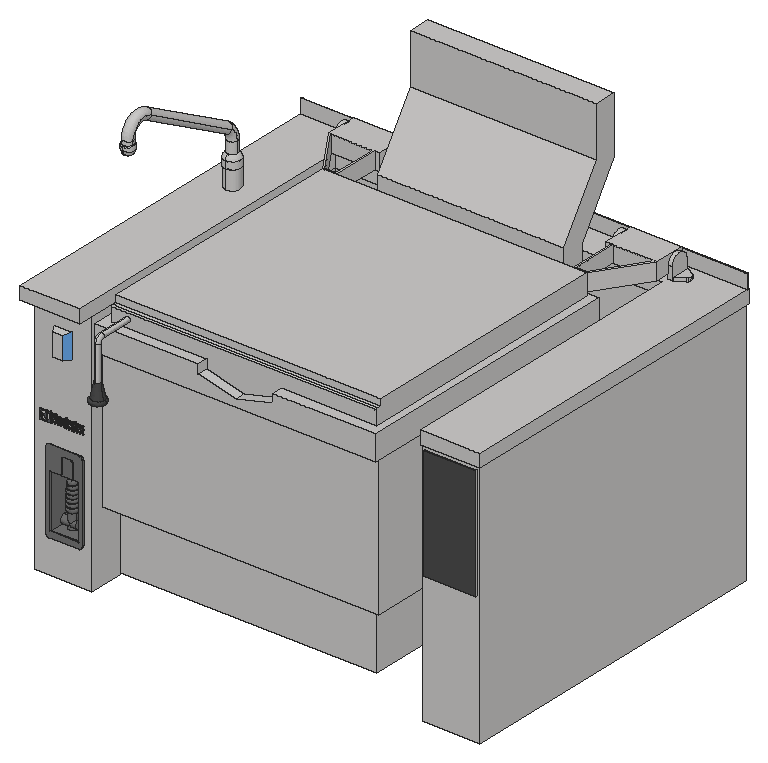
Revit family "QF_ELECTROLUXPROFESSIONAL_586956_PFET09GLCS", category Specialty Equipment, Revit 2018
Family settings
  Round Connector Dimension = Use Radius
  Part Type = Normal
  Work Plane-Based = No
  Always vertical = Yes
  Cut with Voids When Loaded = No
  Shared = Yes
  Room Calculation Point = No
Parameters (values of type "Standard")
  Weight = 240.00 kg
  Watts = 0 W
  Volts = 230 V
  URL Manufacturer = "http://professional.electrolux.com"
  URL = "http://professional.electrolux.com"
  Steam Supply Size = 0"
  Steam Supply Minimum Pressure = 0.00 psi
  Steam Supply Maximum Pressure = 0.00 psi
  Steam Pounds per Hour = 0
  Show Logo [instance] = yes
  Refrigeration Suction Line Size = 0"
  Refrigeration Liquid Line Size = 0"
  Refrigerant Compressor Remote = yes
  Plinth Base Finish [instance] = QF_Finishes_Concrete
  Plinth Base [instance] = not(Base Height = 500.00 mm)  # yes
  Phase = 1
  Model = "PFET09GLCS"
  Manufacturer = "Electrolux Professional"
  Length Actual = 1200.00 mm  # constant formula
  Item Number = "586956"
  Hot Water Size = 1/2"
  Height Actual = 700.00 mm  # constant formula
  HP = "0.3 HP"
  Gas Size = 1"
  Gas KW = 18
  Gas Input Pressure = 0.722756 Btu/h
  Direct Waste Size = 0"
  Description = "GAS TILTING BRAISING PAN,AUTO H/C WATER FILL INLET,SPRAY GUN, 90L,H700,COMPOUND,BS,FS,D900,REAR CLS KIT,GUID.COOK.S"
  Depth Actual = 900.00 mm  # constant formula
  Cycle = 50 Hz
  Condensate Return Size = 0"
  Compressed Air Volume = 0 GPM
  Compressed Air Size = 0"
  Compressed Air Pressure = 0.00 psi
  Cold Water Size = 1/2"
  Bracket [instance] = Base Height = 500.00 mm  # no
  Body Finish [instance] = QF_Finishes_Stainless Steel
  Base Height = 200.00 mm
  Show Clearance [instance] = yes
  Assembly Code = ""
  Accessory = yes
Reference planes
  plane 1 "BACK": y = 0
  plane 2: z = 0
  plane 3 "LEFT": x = 0
  plane 4 "RIGHT": x = 1200
  plane 5 "FRONT": y = -900
  plane 6 "TOP": z = 900
  plane 7: z = 200
  plane 8 "Center": x = 600
  plane 9: y = -450
  plane 10: y = -971
  plane 11: z = 913.881
  plane 12: z = 1865
  plane 13: y = -1014
Forms (mm)
  Extrusion 1, solid, material "QF_Finishes_Stainless Steel" <- "Body Finish"
    sketch origin (0, 0, 900) x (-1, 0, 0) y (0, -1, 0)
      loop
        line (0, 0) -> (0, 941.7) -> (-160, 941.7) -> (-160, 86) -> (-1040, 86) -> (-1040, 900) -> (-1200, 900) -> (-1200, 0) -> (0, 0)
    from 0 to -35
  Extrusion 2, solid, material "QF_Finishes_Stainless Steel" <- "Body Finish"
    sketch origin (0, 0, 0) x (1, 0, 0) y (0, 0, 1)
      loop
        line (157, 865) -> (157, 500) -> (1043, 500) -> (1043, 865) -> (157, 865)
    from 3 to 83
  Extrusion 3, solid, material "QF_Finishes_Stainless Steel" <- "Body Finish"
    sketch origin (0, 0, 0) x (1, 0, 0) y (0, 0, 1)
      loop
        line (230, 454.5) -> (970, 454.5) -> (970, 833) -> (230, 833) -> (230, 454.5)
    from 230 to 951
  Extrusion 4, solid, material "QF_Finishes_Stainless Steel" <- "Body Finish"
    sketch origin (-975.299, -4572, 900) x (-1, 0, 0) y (0, -1, 0)
      loop
        line (-2015.299, -4466) -> (-2015.299, -4549.945) -> (-1878.359, -4549.945) -> (-1878.359, -4466) -> (-1893.192, -4466) -> (-1893.192, -4337) -> (-1929.845, -4337) -> (-2015.299, -4466)
      loop
        line (-1135.299, -4466) -> (-1220.753, -4337) -> (-1257.406, -4337) -> (-1257.406, -4466) -> (-1272.239, -4466) -> (-1272.239, -4549.945) -> (-1135.299, -4549.945) -> (-1135.299, -4466)
      loop
        line (-1253.406, -4466) -> (-1140.097, -4466) -> (-1222.901, -4341) -> (-1253.406, -4341) -> (-1253.406, -4466)
      loop
        line (-1897.192, -4466) -> (-1897.192, -4341) -> (-1927.696, -4341) -> (-2010.501, -4466) -> (-1897.192, -4466)
    from 11 to 56
  Sweep 5, solid, material "QF_Finishes_Stainless Steel" <- "Body Finish"
    path origin (287.976, -51, 0) x (0, 1, 0) y (0, 0, 1)
      loop
        line (-890.7, 920) -> (-978.7, 920)
        arc (-978.7, 920) -> (-987.27, 916.45) -> (-990.819, 907.881) r 12.119
        line (-990.819, 907.881) -> (-990.819, 813.956)
    profile origin (287.976, -985.7, 920) x (0, 0, -1) y (1, 0, 0)
      loop
        circle (0, 0) r 6.119
  Revolve 6, solid, material "QF_Finishes_Black"
    sketch origin (0, -1041.819, 0) x (1, 0, 0) y (0, 0, 1)
      loop
        line (287.976, 764.909) -> (304.041, 764.909)
        arc (304.041, 764.909) -> (309.041, 769.909) -> (304.041, 774.909) r 5
        line (304.041, 774.909) -> (296.452, 813.956) -> (287.976, 813.956) -> (287.976, 764.909)
      axis (287.976, 813.956) -> (287.976, 764.909)
    angle from 0 to 360
  Extrusion 7, void
    sketch origin (0, -820, 0) x (1, 0, 0) y (0, 0, 1)
      loop
        line (500.793, 900) -> (500.793, 876.744) -> (600.793, 851.202) -> (700.793, 876.744) -> (700.793, 900) -> (500.793, 900)
    from 121.7 to 151
  Extrusion 8, solid, material "QF_Finishes_Stainless Steel" <- "Body Finish"
    sketch origin (160, -101, 900) x (0, 1, 0) y (0, 0, -1)
      loop
        line (31, 0) -> (31, -32)
        arc (31, -32) -> (54.973, -55.973) -> (78.945, -32) r 23.973
        line (78.945, -32) -> (78.945, 0) -> (31, 0)
    from 0 to 12.9
  Extrusion 9, solid, material "QF_Finishes_Stainless Steel" <- "Body Finish"
    sketch origin (309.84, -101, 900) x (0, 1, 0) y (0, 0, -1)
      loop
        line (31, 0) -> (31, -32)
        arc (31, -32) -> (54.973, -55.973) -> (78.945, -32) r 23.973
        line (78.945, -32) -> (78.945, 0) -> (31, 0)
    from 0 to 12.9
  Extrusion 10, solid, material "QF_Finishes_Stainless Steel" <- "Body Finish"
    sketch origin (1205.04, -101, 900) x (0, 1, 0) y (0, 0, 1)
      loop
        line (31, 0) -> (78.945, 0) -> (78.945, 32)
        arc (78.945, 32) -> (54.973, 55.973) -> (31, 32) r 23.973
        line (31, 32) -> (31, 0)
    from -165.04 to -152.14
  Extrusion 11, solid, material "QF_Finishes_Stainless Steel" <- "Body Finish"
    sketch origin (1055.2, -101, 900) x (0, 1, 0) y (0, 0, 1)
      loop
        line (31, 0) -> (78.945, 0) -> (78.945, 32)
        arc (78.945, 32) -> (54.973, 55.973) -> (31, 32) r 23.973
        line (31, 32) -> (31, 0)
    from -165.04 to -152.14
  Extrusion 12, solid, material "QF_Finishes_Stainless Steel" <- "Body Finish"
    sketch origin (1043, -897, 0) x (1, 0, 0) y (0, 0, 1)
      loop
        line (7, 553.501) -> (147, 553.501) -> (147, 855) -> (7, 855) -> (7, 553.501)
    from 0 to 5
  Blend 13, solid, material "QF_Finishes_Stainless Steel" <- "Body Finish"
    base sketch origin (157, -897, 0) x (-1, 0, 0) y (0, 0, -1)
      loop
        line (100.5, -805.4) -> (100.5, -738.6) -> (53.5, -738.6) -> (53.5, -805.4) -> (100.5, -805.4)
    top sketch origin (157, -897, 0) x (-1, 0, 0) y (0, 0, -1)
      loop
        line (90.448, -802.617) -> (90.448, -741.383) -> (63.552, -741.383) -> (63.552, -802.617) -> (90.448, -802.617)
    from 0 to 20.065
  Extrusion 14, solid, material "QF_Finishes_Stainless Steel" <- "Body Finish"
    sketch origin (0, 0, 900) x (-1, 0, 0) y (0, -1, 0)
      loop
        line (-863.888, 36.346) -> (-860.354, 39.408) -> (-858.411, 43.662) -> (-858.411, 47.996) -> (-860.354, 52.592) -> (-863.888, 55.654) -> (-890.16, 70) -> (-890.16, 22) -> (-863.888, 36.346)
      loop
        line (-1079.172, 36.346) -> (-1052.9, 22) -> (-1052.9, 70) -> (-1079.172, 55.654) -> (-1082.706, 52.592) -> (-1084.649, 47.996) -> (-1084.649, 43.662) -> (-1082.706, 39.408) -> (-1079.172, 36.346)
      loop
        line (-336.112, 36.346) -> (-309.84, 22) -> (-309.84, 70) -> (-336.112, 55.654) -> (-339.646, 52.592) -> (-341.589, 47.996) -> (-341.589, 43.662) -> (-339.646, 39.408) -> (-336.112, 36.346)
      loop
        line (-120.828, 36.346) -> (-117.294, 39.408) -> (-115.351, 43.662) -> (-115.351, 47.996) -> (-117.294, 52.592) -> (-120.828, 55.654) -> (-147.1, 70) -> (-147.1, 22) -> (-120.828, 36.346)
    from 0 to 8
  Extrusion 15, solid, material "QF_Finishes_Stainless Steel" <- "Body Finish"
    sketch origin (0, 0, 0) x (0, 1, 0) y (0, 0, 1)
      loop
        line (-926.7, 957.5) -> (-926.7, 939.75) -> (-938.664, 939.75)
        arc (-938.664, 939.75) -> (-940.835, 938.566) -> (-941.7, 936.25) r 3.536
        line (-941.7, 936.25) -> (-941.7, 900) -> (-235, 900) -> (-235, 957.5) -> (-926.7, 957.5)
    from 245.454 to 955.493
  Revolve 16, solid, material "QF_Finishes_Stainless Steel" <- "Body Finish"
    sketch origin (-975.299, -4643, 730) x (-1, 0, 0) y (0, -1, 0)
      loop
        line (-1205.299, -4000) -> (-1138.736, -4000) -> (-1138.736, -4030) -> (-1132.299, -4030) -> (-1132.299, -3943) -> (-1205.299, -3943) -> (-1205.299, -4000)
      loop
        line (-1945.299, -4000) -> (-1945.299, -3943) -> (-2018.299, -3943) -> (-2018.299, -4030) -> (-2011.861, -4030) -> (-2011.861, -4000) -> (-1945.299, -4000)
      axis (-1132.299, -3943) -> (-2018.299, -3943)
    angle from 0 to 360
  Extrusion 17, solid, material "QF_Finishes_Stainless Steel" <- "Body Finish", visible <- "Bracket"
    sketch origin (0, 0, -400) x (0, 1, 0) y (0, 0, 1)
      loop
        line (0, 900) -> (-200, 900) -> (-200, 775) -> (-136.36, 711.36) -> (0, 711.36) -> (0, 900)
    from 25.741 to 134.773
  Extrusion 18, solid, material "QF_Finishes_Stainless Steel" <- "Body Finish", visible <- "Bracket"
    sketch origin (1040, 0, -400) x (0, 1, 0) y (0, 0, 1)
      loop
        line (0, 900) -> (-200, 900) -> (-200, 775) -> (-136.36, 711.36) -> (0, 711.36) -> (0, 900)
    from 25.741 to 134.773
  Extrusion 19, solid, material "QF_Finishes_Stainless Steel" <- "Body Finish"
    sketch origin (-975.299, -4572, 900) x (-1, 0, 0) y (0, -1, 0)
      loop
        line (-1199.802, -4347) -> (-1199.802, -3601) -> (-1953.192, -3601) -> (-1953.192, -4347) -> (-1199.802, -4347)
    from -67 to 0
  Extrusion 20, solid, material "QF_Finishes_Clearance", visible <- "Show Clearance", detail levels coarse
    sketch origin (337.94, -101, 900) x (0, 1, 0) y (0, 0, -1)
      loop
        line (-164.365, -965) -> (78.945, -56) -> (-862.055, -56)
        arc (-862.055, -56) -> (-667.525, -628.942) -> (-164.365, -965) r 941
    from -617.553 to 92.486
  Extrusion 21, solid, material "QF_Finishes_Clearance", visible <- "Show Clearance", detail levels coarse
    sketch origin (600, 0, 0) x (0, 1, 0) y (0, 0, 1)
      loop
        line (-951, 450.365) -> (-951, 833) -> (-971, 833) -> (-971, 900)
        arc (-971, 900) -> (-1022.101, 672.465) -> (-951, 450.365) r 444.593
    from -375.497 to 377.893
  Extrusion 22, solid, material "QF_Finishes_Stainless Steel"
    sketch origin (0, 0, 461.36) x (0, 0, 1) y (1, 0, 0)
      loop
        circle (-66.36, 106.204) r 6.35
      loop
        circle (-66.36, 46.204) r 6.35
      loop
        circle (-116.36, 76.112) r 12.7
    from 0 to 5
  Extrusion 23, solid, material "QF_Finishes_Stainless Steel"
    sketch origin (1040, 0, 386.36) x (0, 0, 1) y (1, 0, 0)
      loop
        circle (-66.36, 81.204) r 6.35
    from 0 to 5
  Extrusion 24, solid, material "QF_Finishes_Stainless Steel" <- "Body Finish"
    sketch origin (596.81, 0, 0) x (0, 1, 0) y (0, 0, 1)
      loop
        line (-180, 956) -> (-180, 598) -> (-225, 598) -> (-225, 540) -> (-122, 540) -> (-122, 938.268) -> (-12.644, 1100.395) -> (-12.644, 1254) -> (-70.644, 1254) -> (-70.644, 1118.127) -> (-180, 956)
    from -246.81 to 253.19
  Extrusion 25, solid, material "QF_Finishes_Stainless Steel" <- "Body Finish"
    sketch origin (0, 0, 29.5) x (1, 0, 0) y (0, 0, 1)
      loop
        line (256.991, 425) -> (256.991, 263.5) -> (944.406, 263.5) -> (944.406, 425) -> (256.991, 425)
    from 230 to 925
  Extrusion 26, solid, material "QF_Finishes_Stainless Steel" <- "Body Finish"
    sketch origin (0, -100, 0) x (1, 0, 0) y (0, 1, 0)
      loop
        line (157, 97) -> (3, 97) -> (3, -797) -> (157, -797) -> (157, 97)
      loop
        line (1197, 97) -> (1043, 97) -> (1043, -797) -> (1197, -797) -> (1197, 97)
    from 200 to 865
  Extrusion 27, solid, material "Navy Blue", visible <- "Show Logo"
    sketch origin (160, -897, 0) x (-1, 0, 0) y (0, 0, -1)
      loop
        line (101.332, -593.18) -> (109.793, -593.18) -> (109.793, -583.327)
        arc (109.793, -583.327) -> (108.679, -580.639) -> (105.991, -579.525) r 3.802
        line (105.991, -579.525) -> (101.168, -579.525) -> (101.168, -581.736) -> (105.441, -581.736)
        arc (105.441, -581.736) -> (106.845, -582.21) -> (107.442, -583.566) r 1.838
        line (107.442, -583.566) -> (107.442, -585.52) -> (101.698, -585.52) -> (101.698, -587.738) -> (107.442, -587.738) -> (107.442, -590.968) -> (101.332, -590.968) -> (101.332, -593.18)
      loop
        line (99.498, -593.18) -> (99.498, -579.525) -> (97.146, -579.525) -> (97.146, -593.18) -> (99.498, -593.18)
      loop
        line (48.417, -593.18) -> (48.417, -579.525) -> (46.064, -579.525) -> (46.064, -593.18) -> (48.417, -593.18)
      loop
        line (93.257, -583.886) -> (85.539, -583.886)
        arc (85.539, -583.886) -> (86.746, -588.126) -> (90.874, -589.672) r 4.89
        arc (90.874, -589.672) -> (94.51, -587.828) -> (95.548, -583.886) r 4.976
        arc (95.548, -583.886) -> (94.182, -580.589) -> (90.886, -579.224) r 4.662
        arc (90.886, -579.224) -> (88.32, -579.602) -> (86.169, -581.05) r 5.86
        line (86.169, -581.05) -> (87.562, -582.444)
        arc (87.562, -582.444) -> (89.391, -581.347) -> (91.516, -581.531) r 3.458
        arc (91.516, -581.531) -> (92.812, -582.394) -> (93.257, -583.886) r 2.29
      loop
        line (93.198, -585.539) -> (87.902, -585.539)
        arc (87.902, -585.539) -> (88.645, -587.103) -> (90.278, -587.679) r 2.256
        arc (90.278, -587.679) -> (92.162, -587.188) -> (93.198, -585.539) r 2.64
      loop
        line (76.371, -586.524) -> (74.894, -588)
        arc (74.894, -588) -> (76.746, -589.341) -> (78.997, -589.742) r 5.117
        arc (78.997, -589.742) -> (82.429, -588.487) -> (84.231, -585.308) r 5.293
        arc (84.231, -585.308) -> (81.194, -579.733) -> (74.977, -581.018) r 5.33
        line (74.977, -581.018) -> (76.446, -582.487)
        arc (76.446, -582.487) -> (79.616, -581.438) -> (81.887, -583.886) r 3.088
        arc (81.887, -583.886) -> (81.729, -585.821) -> (80.396, -587.234) r 2.933
        arc (80.396, -587.234) -> (78.264, -587.559) -> (76.371, -586.524) r 3.369
      loop
        line (73.45, -593.18) -> (73.45, -583.849)
        arc (73.45, -583.849) -> (73.246, -582.449) -> (72.722, -581.135) r 6.031
        arc (72.722, -581.135) -> (71.044, -579.8) -> (68.918, -579.519) r 4.018
        line (68.918, -579.519) -> (68.918, -581.723)
        arc (68.918, -581.723) -> (69.55, -581.771) -> (70.139, -582.005) r 2.118
        arc (70.139, -582.005) -> (70.895, -582.804) -> (71.098, -583.886) r 1.949
        line (71.098, -583.886) -> (71.098, -587.265) -> (68.962, -587.265) -> (68.962, -589.401) -> (71.098, -589.401) -> (71.098, -593.18) -> (73.45, -593.18)
      loop
        arc (64.65, -584.717) -> (64.482, -585.701) -> (63.997, -586.574) r 2.967
        arc (63.997, -586.574) -> (62.588, -587.297) -> (61.004, -587.265) r 3.231
        line (61.004, -587.265) -> (61.004, -589.525)
        arc (61.004, -589.525) -> (63.073, -589.33) -> (64.65, -587.977) r 3.432
        line (64.65, -587.977) -> (64.65, -589.401) -> (66.983, -589.401) -> (66.983, -579.525) -> (64.65, -579.525) -> (64.65, -584.717)
      loop
        circle (55.254, -584.461) r 5.233
      loop
        circle (55.254, -584.461) r 3.172
      loop
        arc (37.582, -583.638) -> (38.162, -582.041) -> (39.738, -581.405) r 2.088
        arc (39.738, -581.405) -> (41.313, -582.041) -> (41.894, -583.638) r 2.088
        line (41.894, -583.638) -> (41.894, -589.401) -> (44.266, -589.401) -> (44.266, -583.442)
        arc (44.266, -583.442) -> (42.916, -580.365) -> (39.738, -579.275) r 4.181
        arc (39.738, -579.275) -> (36.524, -580.398) -> (35.211, -583.539) r 4.181
        line (35.211, -583.539) -> (35.211, -589.401) -> (37.582, -589.401) -> (37.582, -583.638)
      loop
        line (33.789, -589.401) -> (30.374, -584.764) -> (34.126, -579.522) -> (31.598, -579.522) -> (29.107, -583.001) -> (26.58, -579.522) -> (24.068, -579.522) -> (27.767, -584.817) -> (24.385, -589.401) -> (26.952, -589.401) -> (29.115, -586.469) -> (31.245, -589.401) -> (33.789, -589.401)
      loop
        line (108.47, -573.865) -> (110.346, -573.865) -> (110.346, -569.143) -> (109.319, -569.143) -> (109.319, -570.769) -> (108.185, -570.769)
        arc (108.185, -570.769) -> (106.916, -572.447) -> (108.47, -573.865) r 1.561
      loop
        arc (108.23, -571.697) -> (107.841, -572.304) -> (108.23, -572.911) r 0.668
        line (108.23, -572.911) -> (109.319, -572.911) -> (109.319, -571.697) -> (108.23, -571.697)
      loop
        line (101.061, -573.865) -> (102.968, -573.865) -> (102.968, -569.143) -> (101.942, -569.143) -> (101.942, -570.769) -> (100.949, -570.769) -> (100.27, -569.143) -> (99.168, -569.143) -> (100.097, -571.134)
        arc (100.097, -571.134) -> (99.652, -571.665) -> (99.502, -572.343) r 1.458
        arc (99.502, -572.343) -> (99.971, -573.421) -> (101.061, -573.865) r 1.559
      loop
        line (101.942, -572.911) -> (101.942, -571.697) -> (100.852, -571.697)
        arc (100.852, -571.697) -> (100.464, -572.304) -> (100.852, -572.911) r 0.668
        line (100.852, -572.911) -> (101.942, -572.911)
      loop
        circle (93.139, -571.504) r 2.453
      loop
        circle (93.139, -571.504) r 1.557
      loop
        line (86.655, -573.865) -> (86.655, -569.143) -> (85.654, -569.143) -> (85.654, -570.793) -> (83.876, -570.793) -> (83.876, -571.851) -> (85.654, -571.851) -> (85.654, -572.847) -> (83.706, -572.847) -> (83.706, -573.865) -> (86.655, -573.865)
      loop
        line (79.724, -573.865) -> (79.724, -570.677)
        arc (79.724, -570.677) -> (79.288, -569.596) -> (78.213, -569.146) r 1.51
        line (78.213, -569.146) -> (76.689, -569.146) -> (76.689, -570.038) -> (78.122, -570.038)
        arc (78.122, -570.038) -> (78.65, -570.475) -> (78.753, -571.151) r 0.961
        line (78.753, -571.151) -> (76.866, -571.151) -> (76.866, -572.043) -> (78.753, -572.043) -> (78.753, -572.973) -> (76.735, -572.973) -> (76.735, -573.865) -> (79.724, -573.865)
      loop
        arc (62.624, -573.267) -> (63.249, -573.78) -> (64.041, -573.943) r 1.69
        arc (64.041, -573.943) -> (64.773, -573.764) -> (65.374, -573.31) r 1.872
        arc (65.374, -573.31) -> (65.486, -572.238) -> (64.794, -571.411) r 1.385
        arc (64.794, -571.411) -> (64.212, -571.217) -> (63.66, -570.95) r 4.78
        arc (63.66, -570.95) -> (63.312, -570.539) -> (63.552, -570.057) r 0.489
        arc (63.552, -570.057) -> (63.998, -569.952) -> (64.442, -570.065) r 0.963
        arc (64.442, -570.065) -> (64.826, -570.341) -> (65.061, -570.752) r 1.118
        line (65.061, -570.752) -> (65.887, -570.367)
        arc (65.887, -570.367) -> (65.589, -569.793) -> (65.11, -569.36) r 1.815
        arc (65.11, -569.36) -> (64.566, -569.127) -> (63.978, -569.068) r 1.957
        arc (63.978, -569.068) -> (63.25, -569.213) -> (62.595, -569.561) r 2.556
        arc (62.595, -569.561) -> (62.305, -570.331) -> (62.455, -571.139) r 1.535
        arc (62.455, -571.139) -> (62.778, -571.512) -> (63.19, -571.781) r 1.779
        arc (63.19, -571.781) -> (63.712, -572.014) -> (64.248, -572.215) r 9.371
        arc (64.248, -572.215) -> (64.557, -572.696) -> (64.11, -573.053) r 0.427
        arc (64.11, -573.053) -> (63.575, -572.924) -> (63.163, -572.558) r 1.135
        line (63.163, -572.558) -> (62.624, -573.267)
      loop
        line (58.291, -573.865) -> (58.291, -569.146) -> (57.321, -569.146) -> (57.321, -573.865) -> (58.291, -573.865)
      loop
        circle (50.779, -571.506) r 1.468
      loop
        circle (50.779, -571.506) r 2.451
      loop
        line (44.27, -569.146) -> (43.289, -569.146) -> (43.289, -572.113) -> (41.131, -569.146) -> (40.187, -569.146) -> (40.187, -573.865) -> (41.168, -573.865) -> (41.168, -570.808) -> (43.326, -573.865) -> (44.27, -573.865) -> (44.27, -569.146)
      loop
        line (35.295, -569.146) -> (34.836, -570.164) -> (33.09, -570.164) -> (32.631, -569.146) -> (31.588, -569.146) -> (33.581, -573.865) -> (34.491, -573.865) -> (36.337, -569.146) -> (35.295, -569.146)
      loop
        line (33.526, -571.132) -> (33.993, -572.169) -> (34.447, -571.132) -> (33.526, -571.132)
      loop
        line (26.769, -570.038) -> (26.769, -573.865) -> (27.739, -573.865) -> (27.739, -569.146) -> (24.954, -569.146) -> (24.954, -570.038) -> (26.769, -570.038)
      loop
        arc (69.698, -573.267) -> (70.324, -573.78) -> (71.116, -573.943) r 1.69
        arc (71.116, -573.943) -> (71.847, -573.764) -> (72.449, -573.31) r 1.872
        arc (72.449, -573.31) -> (72.56, -572.238) -> (71.868, -571.411) r 1.385
        arc (71.868, -571.411) -> (71.287, -571.217) -> (70.735, -570.95) r 4.78
        arc (70.735, -570.95) -> (70.386, -570.539) -> (70.627, -570.057) r 0.489
        arc (70.627, -570.057) -> (71.073, -569.952) -> (71.517, -570.065) r 0.963
        arc (71.517, -570.065) -> (71.901, -570.341) -> (72.136, -570.752) r 1.118
        line (72.136, -570.752) -> (72.961, -570.367)
        arc (72.961, -570.367) -> (72.664, -569.793) -> (72.184, -569.36) r 1.815
        arc (72.184, -569.36) -> (71.64, -569.127) -> (71.052, -569.068) r 1.957
        arc (71.052, -569.068) -> (70.325, -569.213) -> (69.669, -569.561) r 2.556
        arc (69.669, -569.561) -> (69.38, -570.331) -> (69.529, -571.139) r 1.535
        arc (69.529, -571.139) -> (69.852, -571.512) -> (70.265, -571.781) r 1.779
        arc (70.265, -571.781) -> (70.787, -572.014) -> (71.322, -572.215) r 9.371
        arc (71.322, -572.215) -> (71.632, -572.696) -> (71.185, -573.053) r 0.427
        arc (71.185, -573.053) -> (70.649, -572.924) -> (70.238, -572.558) r 1.135
        line (70.238, -572.558) -> (69.698, -573.267)
      loop
        line (124.467, -593.367) -> (124.467, -568.534)
        arc (124.467, -568.534) -> (115.287, -580.95) -> (124.467, -593.367) r 12.987
      loop
        arc (125.423, -593.446) -> (135.891, -591.227) -> (141.022, -581.837) r 12.809
        line (141.022, -581.837) -> (135.422, -581.837)
        arc (135.422, -581.837) -> (128.84, -585.012) -> (125.423, -591.472) r 11.707
        line (125.423, -591.472) -> (125.423, -593.446)
      loop
        arc (125.73, -570.332) -> (129.585, -577.251) -> (136.925, -580.23) r 11.93
        line (136.925, -580.23) -> (141.033, -580.23)
        arc (141.033, -580.23) -> (136.066, -570.804) -> (125.73, -568.215) r 13.06
        line (125.73, -568.215) -> (125.73, -570.332)
      loop
        line (141.976, -594.722) -> (141.976, -567.122) -> (114.339, -567.122) -> (114.339, -594.722) -> (141.976, -594.722)
    from 0 to 0.697
  Extrusion 28, void
    sketch origin (0, -900, 0) x (1, 0, 0) y (0, 0, 1)
      loop
        line (125.4, 500.944) -> (43.4, 500.944) -> (43.4, 305.944) -> (125.4, 305.944) -> (125.4, 500.944)
    from 0 to -63
  Extrusion 29, solid, material "QF_Finishes_Stainless Steel"
    sketch origin (600, -100, 0) x (0, 1, 0) y (0, 0, 1)
      loop
        line (98, 937.998) -> (98, 900) -> (100, 900) -> (100, 937.998) -> (98, 937.998)
    from 600 to -600
Cuts and joins
  Extrusion 7 cuts Extrusion 19
  joined: Extrusion 3, Extrusion 15, Extrusion 19
  Extrusion 28 cuts Extrusion 26
Lines and regions (mm)
  Split face 1
    outline origin (1043, -902, 0) x (1, 0, 0) y (0, 0, 1)
      loop
        line (7.625, 638.501) -> (7.625, 554.126) -> (146.375, 554.126) -> (146.375, 638.501) -> (7.625, 638.501)
  Split face 2
    outline origin (1043, -902, 0) x (1, 0, 0) y (0, 0, 1)
      loop
        line (21.373, 638.501) -> (132.623, 638.501) -> (132.623, 843.501) -> (21.373, 843.501) -> (21.373, 638.501)
  symbolic lines
    curve 1: line (1200, 0, 900) -> (0, 0, 900)
    curve 2: line (1200, -900, 900) -> (1200, 0, 900)
    curve 3: line (1040, -900, 900) -> (1200, -900, 900)
    curve 4: line (1040, -106, 900) -> (1040, -900, 900)
    curve 5: line (0, 0, 900) -> (0, -900, 900)
    curve 6: line (160, -900, 900) -> (160, -106, 900)
    curve 7: line (0, -900, 900) -> (160, -900, 900)
    curve 8: line (296.94, -86, 900) -> (350, -86, 900)
    curve 9: line (224.503, -225, 900) -> (238.83, -225, 900)
    curve 10: line (977.893, -225, 900) -> (961.17, -225, 900)
    curve 11: line (977.893, -225, 900) -> (977.893, -971, 900)
    curve 12: line (224.503, -225, 900) -> (224.503, -971, 900)
    curve 13: line (1040, -572, 900) -> (977.893, -572, 900)
    curve 14: line (1040, -686, 900) -> (977.893, -686, 900)
    curve 15: line (160, -572, 900) -> (224.503, -572, 900)
    curve 16: line (160, -686, 900) -> (224.503, -686, 900)
    curve 24: line (282.107, -225, 900) -> (917.893, -225, 900)
    curve 25: line (243.628, -225, 900) -> (278.107, -225, 900)
    curve 26: line (921.893, -225, 900) -> (956.372, -225, 900)
    curve 27: arc (281.885, -1021.446, 900) -> (288.429, -1063.635, 900) -> (294.019, -1021.309, 900) r 21.565
    curve 28: line (850, -86, 900) -> (903.06, -86, 900)
    curve 29: line (0, -2, 0) -> (1200, -2, 0)
  symbolic lines, style "QF-Clearances", visible <- "Show Clearance", detail levels coarse
    curve 17: line (350, -550, 900) -> (850, -550, 900)
    curve 18: line (350, -1801, 900) -> (350, -550, 900)
    curve 19: line (850, -1801, 900) -> (350, -1801, 900)
    curve 20: line (850, -550, 900) -> (850, -1801, 900)
    curve 21: line (350, -1201, 900) -> (550, -1801, 900)
    curve 22: line (850, -1201, 900) -> (650, -1801, 900)
    curve 23: circle (600, -1751, 900) r 25 normal (0, 0, 1)
Dimensions and locks
  plane 3 "LEFT" to plane 4 "RIGHT" = 1200.00 mm
  plane 4 "RIGHT" to plane 3 "LEFT" = 1200.00 mm
  plane 1 "BACK" to plane 5 "FRONT" = 900.00 mm
  plane 5 "FRONT" to plane 1 "BACK" = 900.00 mm
  plane 6 "TOP" to level = 900.00 mm
  "Base Height": plane 7 to level
  equal spacing: plane 5 "FRONT", plane 9, plane 1 "BACK"
  equal spacing: plane 3 "LEFT", plane 8 "Center", plane 4 "RIGHT"
  plane 10 to plane 1 "BACK" = 971.00 mm
  plane 6 "TOP" to Extrusion 3 sketch curve to Extrusion 3 sketch curve = 67.00 mm locked, 378.50 mm locked
  plane 6 "TOP" to Extrusion 12 sketch curve to Extrusion 12 sketch curve = 45.00 mm locked, 301.499 mm locked
  plane 6 "TOP" to Extrusion 17 sketch curve to Extrusion 17 sketch curve to Extrusion 17 sketch curve = 400.00 mm locked, 125.00 mm locked, 63.64 mm locked
  plane 6 "TOP" to Extrusion 18 sketch curve to Extrusion 18 sketch curve to Extrusion 18 sketch curve = 400.00 mm locked, 125.00 mm locked, 63.64 mm locked
  locked: cut or joined group of Extrusion 3, Extrusion 7, Extrusion 15, Extrusion 19 to plane 4 "RIGHT" at 244.507
  Extrusion 18 to Extrusion 18 to plane 4 "RIGHT" = 109.032 mm locked, 25.227 mm locked
  Extrusion 7 sketch curve to plane 8 "Center" to Extrusion 7 sketch curve = 100.793 mm locked, 99.207 mm locked
  plane 5 "FRONT" to Extrusion 15 sketch curve to Extrusion 15 sketch curve to Extrusion 15 sketch curve = 26.70 mm locked, 11.964 mm locked, 3.036 mm locked
  locked: Extrusion 19 sketch curve to plane 5 "FRONT" at 71
  cut or joined group of Extrusion 3, Extrusion 7, Extrusion 15, Extrusion 19 to cut or joined group of Extrusion 3, Extrusion 7, Extrusion 15, Extrusion 19 to cut or joined group of Extrusion 3, Extrusion 7, Extrusion 15, Extrusion 19 = 0.00 mm, 29.30 mm
  plane 5 "FRONT" to Sweep 5 sketch curve to Sweep 5 sketch curve to Sweep 5 sketch curve = 41.70 mm, 88.00 mm, 12.119 mm locked
  locked: plane 5 "FRONT" to Revolve 6 at 141.819
  plane 6 "TOP" to Extrusion 2 sketch curve to Extrusion 2 sketch curve = 35.00 mm locked, 365.00 mm locked
  plane 12 to plane 6 "TOP" = 965.00 mm
  locked: Extrusion 21 to plane 4 "RIGHT" at 222.107
  Extrusion 21 sketch curve to Extrusion 21 sketch curve to Extrusion 21 sketch curve to cut or joined group of Extrusion 3, Extrusion 7, Extrusion 15, Extrusion 19 = 51.54 mm locked, 20.00 mm locked, 9.30 mm locked
  Extrusion 21 sketch curve to Extrusion 21 sketch curve to Extrusion 21 sketch curve = 67.00 mm locked, 382.635 mm locked
  plane 1 "BACK" to plane 13 = 1014.00 mm
  plane 1 "BACK" to plane 10 = 971.00 mm
  Extrusion 22 sketch curve to Extrusion 22 sketch curve to plane 6 "TOP" = 50.00 mm locked, 505.00 mm locked
  plane 6 "TOP" to Extrusion 25 sketch curve to Extrusion 25 sketch curve = 445.50 mm locked, 161.50 mm locked
  aligned and locked: level to plane 2
  aligned: plane 6 "TOP" to Extrusion 1
  aligned and locked: plane 6 "TOP" to Extrusion 1
  aligned and locked: Revolve 16 to cut or joined group of Extrusion 3, Extrusion 7, Extrusion 15, Extrusion 19
  aligned and locked: cut or joined group of Extrusion 3, Extrusion 7, Extrusion 15, Extrusion 19 to Revolve 16
  aligned: plane 5 "FRONT" to cut or joined group of Extrusion 3, Extrusion 7, Extrusion 15, Extrusion 19
  aligned: cut or joined group of Extrusion 3, Extrusion 7, Extrusion 15, Extrusion 19 to Sweep 5 sketch curve
  aligned: cut or joined group of Extrusion 3, Extrusion 7, Extrusion 15, Extrusion 19 to plane 10
  aligned: Sweep 5 to cut or joined group of Extrusion 3, Extrusion 7, Extrusion 15, Extrusion 19
  aligned: Extrusion 19 to Extrusion 7
  aligned: Extrusion 2 to cut or joined group of Extrusion 3, Extrusion 7, Extrusion 15, Extrusion 19
  aligned and locked: Extrusion 20 to cut or joined group of Extrusion 3, Extrusion 7, Extrusion 15, Extrusion 19  (x2)
  aligned and locked: cut or joined group of Extrusion 3, Extrusion 7, Extrusion 15, Extrusion 19 to Extrusion 21
  aligned and locked: curve 12 to cut or joined group of Extrusion 3, Extrusion 7, Extrusion 15, Extrusion 19
  aligned and locked: Extrusion 1 to curve 6
Automatic sketch dimensions
  plane 1 "BACK" to Extrusion 1 sketch curve = 0.00 mm
  Extrusion 1 sketch curve to plane 4 "RIGHT" = 0.00 mm
  plane 5 "FRONT" to Extrusion 1 sketch curve = 0.00 mm
  Extrusion 1 sketch curve to plane 3 "LEFT" = 0.00 mm
  Extrusion 1 sketch curve to plane 4 "RIGHT" = 160.00 mm
  plane 3 "LEFT" to Extrusion 1 sketch curve = 160.00 mm
  plane 1 "BACK" to Extrusion 1 sketch curve = 86.00 mm
  plane 10 to Extrusion 1 sketch curve = 29.30 mm
  plane 3 "LEFT" to Extrusion 2 sketch curve = 157.00 mm
  Extrusion 2 sketch curve to plane 4 "RIGHT" = 157.00 mm
  plane 3 "LEFT" to Extrusion 3 sketch curve = 230.00 mm
  Extrusion 3 sketch curve to plane 4 "RIGHT" = 230.00 mm
  Extrusion 4 sketch curve to plane 4 "RIGHT" = 160.00 mm
  Extrusion 4 sketch curve to Extrusion 4 sketch curve = 4.798 mm  (x2)
  Extrusion 4 sketch curve to Extrusion 4 sketch curve = 80.656 mm
  Extrusion 4 sketch curve to Extrusion 4 sketch curve = 2.148 mm  (x2)
  Extrusion 4 sketch curve to Extrusion 4 sketch curve = 30.505 mm  (x2)
  Extrusion 4 sketch curve to Extrusion 4 sketch curve = 4.00 mm  (x4)
  Extrusion 4 sketch curve to Extrusion 4 sketch curve = 14.833 mm  (x2)
  plane 1 "BACK" to Extrusion 4 sketch curve = 22.055 mm  (x2)
  plane 3 "LEFT" to Extrusion 4 sketch curve = 296.94 mm
  Extrusion 4 sketch curve to Extrusion 4 sketch curve = 113.309 mm
  Extrusion 4 sketch curve to Extrusion 4 sketch curve = 83.945 mm  (x4)
  Extrusion 4 sketch curve to Extrusion 4 sketch curve = 0.00 mm  (x2)
  Extrusion 4 sketch curve to Extrusion 4 sketch curve = 125.00 mm  (x2)
  plane 6 "TOP" to Sweep 5 sketch curve = 7.881 mm
  Sweep 5 sketch curve to plane 6 "TOP" = 86.044 mm
  Sweep 5 sketch curve to profile plane = 0.00 mm  (x2)
  Revolve 6 sketch curve to plane 6 "TOP" = 135.091 mm
  plane 3 "LEFT" to Revolve 6 sketch curve = 287.976 mm
  Revolve 6 sketch curve to plane 6 "TOP" = 86.044 mm
  Revolve 6 sketch curve to Revolve 6 sketch curve = 8.475 mm
  Revolve 6 sketch curve to Revolve 6 sketch curve = 16.065 mm
  Revolve 6 sketch curve to Revolve 6 sketch curve = 5.00 mm
  Revolve 6 sketch curve to Revolve 6 sketch curve = 0.00 mm
  Revolve 6 sketch curve to Revolve 6 sketch curve = 19.523 mm
  Revolve 6 sketch curve to Revolve 6 sketch curve = 6.381 mm
  plane 8 "Center" to Extrusion 7 sketch curve = 0.793 mm
  Extrusion 7 sketch curve to plane 6 "TOP" = 48.798 mm
  Extrusion 7 sketch curve to plane 6 "TOP" = 23.256 mm  (x2)
  plane 6 "TOP" to Extrusion 7 sketch curve = 0.00 mm
  Extrusion 8 sketch curve to plane 6 "TOP" = 0.00 mm
  plane 1 "BACK" to Extrusion 8 sketch curve = 70.00 mm
  Extrusion 8 sketch curve to Extrusion 8 sketch curve = 23.973 mm
  plane 6 "TOP" to Extrusion 8 sketch curve = 32.00 mm
  Extrusion 9 sketch curve to plane 6 "TOP" = 0.00 mm
  plane 1 "BACK" to Extrusion 9 sketch curve = 70.00 mm
  Extrusion 9 sketch curve to Extrusion 9 sketch curve = 23.973 mm
  plane 6 "TOP" to Extrusion 9 sketch curve = 32.00 mm
  Extrusion 10 sketch curve to plane 6 "TOP" = 0.00 mm
  plane 1 "BACK" to Extrusion 10 sketch curve = 70.00 mm
  Extrusion 10 sketch curve to Extrusion 10 sketch curve = 23.973 mm
  Extrusion 10 sketch curve to Extrusion 10 sketch curve = 32.00 mm
  Extrusion 11 sketch curve to plane 6 "TOP" = 0.00 mm
  plane 1 "BACK" to Extrusion 11 sketch curve = 70.00 mm
  Extrusion 11 sketch curve to Extrusion 11 sketch curve = 23.973 mm
  Extrusion 11 sketch curve to Extrusion 11 sketch curve = 32.00 mm
  Extrusion 12 sketch curve to plane 4 "RIGHT" = 150.00 mm
  Extrusion 12 sketch curve to plane 4 "RIGHT" = 10.00 mm
  plane 3 "LEFT" to Blend 13 sketch curve = 103.50 mm
  Blend 13 sketch curve to Blend 13 sketch curve = 47.00 mm
  Blend 13 sketch curve to plane 6 "TOP" = 94.60 mm
  Blend 13 sketch curve to Blend 13 sketch curve = 66.80 mm
  plane 3 "LEFT" to Blend 13 sketch curve = 93.448 mm
  Blend 13 sketch curve to Blend 13 sketch curve = 26.896 mm
  Blend 13 sketch curve to plane 6 "TOP" = 97.383 mm
  Blend 13 sketch curve to Blend 13 sketch curve = 61.233 mm
  plane 1 "BACK" to Extrusion 14 sketch curve = 47.996 mm  (x2)
  Extrusion 14 sketch curve to plane 4 "RIGHT" = 115.351 mm
  plane 1 "BACK" to Extrusion 14 sketch curve = 52.592 mm  (x4)
  Extrusion 14 sketch curve to Extrusion 14 sketch curve = 1.943 mm  (x6)
  plane 1 "BACK" to Extrusion 14 sketch curve = 39.408 mm  (x4)
  plane 1 "BACK" to Extrusion 14 sketch curve = 55.654 mm  (x4)
  Extrusion 14 sketch curve to Extrusion 14 sketch curve = 3.534 mm  (x8)
  plane 1 "BACK" to Extrusion 14 sketch curve = 36.346 mm  (x4)
  Extrusion 14 sketch curve to Extrusion 14 sketch curve = 26.272 mm  (x4)
  plane 1 "BACK" to Extrusion 14 sketch curve = 70.00 mm
  Extrusion 14 sketch curve to Extrusion 14 sketch curve = 162.74 mm
  Extrusion 14 sketch curve to Extrusion 14 sketch curve = 0.00 mm  (x2)
  Extrusion 14 sketch curve to plane 8 "Center" = 258.411 mm
  plane 1 "BACK" to Extrusion 14 sketch curve = 22.00 mm  (x4)
  plane 3 "LEFT" to Extrusion 14 sketch curve = 147.10 mm
  plane 1 "BACK" to Extrusion 14 sketch curve = 43.662 mm
  Extrusion 14 sketch curve to Extrusion 14 sketch curve = 4.334 mm  (x4)
  Extrusion 14 sketch curve to Extrusion 14 sketch curve = 4.254 mm
  Extrusion 14 sketch curve to Extrusion 14 sketch curve = 14.346 mm  (x3)
  Extrusion 15 sketch curve to plane 6 "TOP" = 0.00 mm
  Extrusion 15 sketch curve to Extrusion 15 sketch curve = 3.536 mm
  plane 9 to Extrusion 15 sketch curve = 215.00 mm
  Extrusion 15 sketch curve to Extrusion 15 sketch curve = 36.25 mm
  Extrusion 15 sketch curve to Extrusion 15 sketch curve = 57.50 mm
  Revolve 16 sketch curve to plane 4 "RIGHT" = 157.00 mm
  Revolve 16 sketch curve to Revolve 16 sketch curve = 6.437 mm  (x2)
  Revolve 16 sketch curve to Revolve 16 sketch curve = 66.563 mm  (x2)
  plane 3 "LEFT" to Revolve 16 sketch curve = 230.00 mm
  Revolve 16 sketch curve to plane 9 = 163.00 mm  (x2)
  Revolve 16 sketch curve to Revolve 16 sketch curve = 30.00 mm  (x2)
  Revolve 16 sketch curve to Revolve 16 sketch curve = 57.00 mm  (x2)
  Revolve 16 sketch curve to Revolve 16 sketch curve = 5.497 mm  (x2)
  Revolve 16 sketch curve to Revolve 16 sketch curve = 0.00 mm
  Split face 1 sketch curve to Extrusion 12 = 0.625 mm  (x3)
  Split face 1 sketch curve to Split face 1 sketch curve = 84.375 mm
  Split face 2 sketch curve to Extrusion 12 = 14.373 mm
  Split face 2 sketch curve to Extrusion 12 = 14.377 mm
  Split face 2 sketch curve to Extrusion 12 = 85.00 mm
  Split face 2 sketch curve to Extrusion 12 = 11.499 mm
  Extrusion 17 sketch curve to plane 1 "BACK" = 0.00 mm
  plane 1 "BACK" to Extrusion 17 sketch curve = 136.36 mm
  Extrusion 17 sketch curve to Extrusion 17 sketch curve = 63.64 mm
  Extrusion 18 sketch curve to plane 1 "BACK" = 0.00 mm
  plane 1 "BACK" to Extrusion 18 sketch curve = 136.36 mm
  Extrusion 18 sketch curve to Extrusion 18 sketch curve = 63.64 mm
  Extrusion 19 sketch curve to plane 4 "RIGHT" = 222.107 mm
  plane 3 "LEFT" to Extrusion 19 sketch curve = 224.503 mm
  plane 1 "BACK" to Extrusion 19 sketch curve = 225.00 mm
  Extrusion 20 sketch curve to plane 12 = 0.00 mm
  plane 10 to Extrusion 20 sketch curve = 7.945 mm
  plane 9 to Extrusion 20 sketch curve = 184.635 mm
  plane 1 "BACK" to Extrusion 20 sketch curve = 22.055 mm
  Extrusion 20 sketch curve to Extrusion 20 sketch curve = 0.00 mm
  Extrusion 21 sketch curve to plane 6 "TOP" = 0.00 mm
  plane 1 "BACK" to curve 1 = 0.00 mm
  curve 1 to plane 4 "RIGHT" = 0.00 mm
  plane 5 "FRONT" to curve 4 = 0.00 mm
  curve 11 to plane 10 = 0.00 mm
  curve 5 to plane 3 "LEFT" = 0.00 mm
  plane 5 "FRONT" to curve 7 = 0.00 mm
  curve 12 to plane 10 = 0.00 mm
  curve 4 to plane 4 "RIGHT" = 160.00 mm
  curve 4 to curve 11 = 62.107 mm
  plane 13 to curve 27 = 28.071 mm
  curve 27 to curve 12 = 63.683 mm
  plane 1 "BACK" to curve 9 = 225.00 mm
  plane 1 "BACK" to curve 10 = 225.00 mm
  curve 10 to curve 10 = 16.723 mm
  curve 10 to curve 26 = 4.798 mm
  curve 26 to curve 26 = 34.479 mm
  curve 26 to curve 24 = 4.00 mm
  curve 4 to curve 28 = 136.94 mm
  curve 28 to curve 28 = 53.06 mm
  plane 1 "BACK" to curve 8 = 86.00 mm
  curve 8 to curve 9 = 125.497 mm
  curve 8 to curve 8 = 53.06 mm
  plane 13 to curve 27 = 7.309 mm
  curve 27 to curve 27 = 5.834 mm
  curve 24 to curve 9 = 57.604 mm
  plane 13 to curve 27 = 7.446 mm
  curve 24 to curve 25 = 4.00 mm
  curve 25 to curve 9 = 19.125 mm
  curve 25 to curve 9 = 4.798 mm
  plane 1 "BACK" to curve 28 = 86.00 mm
  plane 1 "BACK" to curve 6 = 106.00 mm
  plane 1 "BACK" to curve 4 = 106.00 mm
  curve 9 to curve 25 = 0.00 mm
  curve 24 to curve 10 = 0.00 mm
  curve 24 to curve 26 = 0.00 mm
  curve 15 to plane 9 = 122.00 mm
  curve 13 to plane 9 = 122.00 mm
  curve 13 to curve 14 = 114.00 mm
  curve 15 to curve 16 = 114.00 mm
  Extrusion 17 to Extrusion 22 sketch curve = 28.569 mm
  Extrusion 22 sketch curve to Extrusion 22 sketch curve = 50.00 mm
  Extrusion 17 to Extrusion 22 sketch curve = 50.37 mm
  Extrusion 17 to Extrusion 22 sketch curve = 20.463 mm
  Extrusion 18 to Extrusion 23 sketch curve = 8.64 mm
  Extrusion 18 to Extrusion 23 sketch curve = 53.569 mm
  curve 23 to plane 8 "Center" = 0.00 mm
  curve 20 to plane 9 = 100.00 mm
  plane 8 "Center" to curve 20 = 250.00 mm
  curve 18 to plane 8 "Center" = 250.00 mm
  plane 13 to curve 23 = 737.00 mm
  curve 23 to curve 18 = 50.00 mm
  plane 8 "Center" to curve 22 = 50.00 mm
  curve 21 to plane 8 "Center" = 50.00 mm
  plane 13 to curve 22 = 187.00 mm
  plane 13 to curve 21 = 187.00 mm
  plane 1 "BACK" to Extrusion 24 sketch curve = 225.00 mm
  Extrusion 24 sketch curve to Extrusion 24 sketch curve = 45.00 mm
  Extrusion 24 sketch curve to Extrusion 24 sketch curve = 58.00 mm  (x2)
  plane 1 "BACK" to Extrusion 24 sketch curve = 70.644 mm
  plane 1 "BACK" to Extrusion 24 sketch curve = 12.644 mm
  plane 7 to Extrusion 24 sketch curve = 340.00 mm
  plane 6 "TOP" to Extrusion 24 sketch curve = 38.268 mm
  plane 6 "TOP" to Extrusion 24 sketch curve = 56.00 mm
  Extrusion 24 sketch curve to Extrusion 24 sketch curve = 162.127 mm
  Extrusion 24 sketch curve to Extrusion 24 sketch curve = 17.732 mm
  Extrusion 24 sketch curve to Extrusion 24 sketch curve = 135.873 mm
  plane 3 "LEFT" to Extrusion 25 sketch curve = 256.991 mm
  Extrusion 25 sketch curve to plane 4 "RIGHT" = 255.594 mm
  plane 3 "LEFT" to Extrusion 26 sketch curve = 3.00 mm
  plane 1 "BACK" to Extrusion 26 sketch curve = 3.00 mm  (x2)
  Extrusion 26 sketch curve to Extrusion 26 sketch curve = 154.00 mm
  Extrusion 26 sketch curve to plane 4 "RIGHT" = 157.00 mm
  Extrusion 26 sketch curve to plane 4 "RIGHT" = 3.00 mm
  Extrusion 26 sketch curve to plane 5 "FRONT" = 3.00 mm  (x2)
  Extrusion 27 sketch curve to Extrusion 27 sketch curve = 0.00 mm  (x33)
  plane 3 "LEFT" to Extrusion 27 sketch curve = 135.932 mm
  Extrusion 27 sketch curve to Extrusion 27 sketch curve = 0.317 mm
  Extrusion 27 sketch curve to Extrusion 27 sketch curve = 0.886 mm
  Extrusion 27 sketch curve to Extrusion 27 sketch curve = 2.512 mm
  Extrusion 27 sketch curve to Extrusion 27 sketch curve = 1.815 mm
  Extrusion 27 sketch curve to Extrusion 27 sketch curve = 2.567 mm
  Extrusion 27 sketch curve to Extrusion 27 sketch curve = 0.97 mm  (x3)
  Extrusion 27 sketch curve to Extrusion 27 sketch curve = 0.815 mm  (x2)
  Extrusion 27 sketch curve to Extrusion 27 sketch curve = 1.341 mm
  Extrusion 27 sketch curve to Extrusion 27 sketch curve = 1.348 mm
  Extrusion 27 sketch curve to Extrusion 27 sketch curve = 1.259 mm
  Extrusion 27 sketch curve to Extrusion 27 sketch curve = 2.13 mm
  Extrusion 27 sketch curve to Extrusion 27 sketch curve = 3.849 mm
  Extrusion 27 sketch curve to Extrusion 27 sketch curve = 2.49 mm
  Extrusion 27 sketch curve to Extrusion 27 sketch curve = 1.043 mm
  Extrusion 27 sketch curve to Extrusion 27 sketch curve = 0.46 mm  (x2)
  Extrusion 27 sketch curve to Extrusion 27 sketch curve = 0.435 mm
  Extrusion 27 sketch curve to Extrusion 27 sketch curve = 0.055 mm  (x2)
  Extrusion 27 sketch curve to Extrusion 27 sketch curve = 2.544 mm
  Extrusion 27 sketch curve to Extrusion 27 sketch curve = 0.468 mm
  Extrusion 27 sketch curve to Extrusion 27 sketch curve = 2.528 mm
  Extrusion 27 sketch curve to Extrusion 27 sketch curve = 0.922 mm
  Extrusion 27 sketch curve to Extrusion 27 sketch curve = 0.91 mm
  Extrusion 27 sketch curve to Extrusion 27 sketch curve = 0.388 mm
  Extrusion 27 sketch curve to Extrusion 27 sketch curve = 1.422 mm
  Extrusion 27 sketch curve to Extrusion 27 sketch curve = 1.042 mm
  Extrusion 27 sketch curve to Extrusion 27 sketch curve = 2.371 mm
  Extrusion 27 sketch curve to Extrusion 27 sketch curve = 1.809 mm  (x2)
  Extrusion 27 sketch curve to Extrusion 27 sketch curve = 0.273 mm  (x2)
  Extrusion 27 sketch curve to Extrusion 27 sketch curve = 0.147 mm
  Extrusion 27 sketch curve to Extrusion 27 sketch curve = 5.696 mm
  Extrusion 27 sketch curve to Extrusion 27 sketch curve = 0.943 mm
  Extrusion 27 sketch curve to Extrusion 27 sketch curve = 0.037 mm  (x3)
  Extrusion 27 sketch curve to Extrusion 27 sketch curve = 2.122 mm
  Extrusion 27 sketch curve to Extrusion 27 sketch curve = 2.372 mm
  Extrusion 27 sketch curve to Extrusion 27 sketch curve = 0.944 mm
  Extrusion 27 sketch curve to Extrusion 27 sketch curve = 1.799 mm
  Extrusion 27 sketch curve to Extrusion 27 sketch curve = 2.353 mm
  Extrusion 27 sketch curve to Extrusion 27 sketch curve = 6.509 mm
  Extrusion 27 sketch curve to Extrusion 27 sketch curve = 6.836 mm
  Extrusion 27 sketch curve to Extrusion 27 sketch curve = 2.068 mm
  Extrusion 27 sketch curve to Extrusion 27 sketch curve = 5.751 mm
  Extrusion 27 sketch curve to Extrusion 27 sketch curve = 0.679 mm
  Extrusion 27 sketch curve to Extrusion 27 sketch curve = 0.728 mm
  Extrusion 27 sketch curve to Extrusion 27 sketch curve = 0.178 mm
  Extrusion 27 sketch curve to Extrusion 27 sketch curve = 4.332 mm
  Extrusion 27 sketch curve to Extrusion 27 sketch curve = 0.539 mm  (x2)
  Extrusion 27 sketch curve to Extrusion 27 sketch curve = 0.634 mm  (x2)
  Extrusion 27 sketch curve to Extrusion 27 sketch curve = 0.036 mm  (x2)
  Extrusion 27 sketch curve to Extrusion 27 sketch curve = 0.114 mm  (x2)
  Extrusion 27 sketch curve to Extrusion 27 sketch curve = 0.807 mm  (x2)
  Extrusion 27 sketch curve to Extrusion 27 sketch curve = 0.007 mm  (x2)
  Extrusion 27 sketch curve to Extrusion 27 sketch curve = 0.156 mm  (x2)
  Extrusion 27 sketch curve to Extrusion 27 sketch curve = 0.005 mm  (x2)
  Extrusion 27 sketch curve to Extrusion 27 sketch curve = 0.083 mm  (x2)
  Extrusion 27 sketch curve to Extrusion 27 sketch curve = 0.13 mm  (x3)
  Extrusion 27 sketch curve to Extrusion 27 sketch curve = 0.009 mm  (x2)
  Extrusion 27 sketch curve to Extrusion 27 sketch curve = 0.159 mm  (x2)
  Extrusion 27 sketch curve to Extrusion 27 sketch curve = 0.075 mm  (x2)
  Extrusion 27 sketch curve to Extrusion 27 sketch curve = 0.025 mm  (x2)
  Extrusion 27 sketch curve to Extrusion 27 sketch curve = 2.918 mm
  Extrusion 27 sketch curve to Extrusion 27 sketch curve = 2.789 mm
  Extrusion 27 sketch curve to Extrusion 27 sketch curve = 0.908 mm  (x2)
  Extrusion 27 sketch curve to Extrusion 27 sketch curve = 0.826 mm  (x2)
  Extrusion 27 sketch curve to Extrusion 27 sketch curve = 0.126 mm  (x2)
  Extrusion 27 sketch curve to Extrusion 27 sketch curve = 2.333 mm
  Extrusion 27 sketch curve to Extrusion 27 sketch curve = 1.257 mm  (x2)
  Extrusion 27 sketch curve to Extrusion 27 sketch curve = 2.771 mm
  Extrusion 27 sketch curve to Extrusion 27 sketch curve = 1.497 mm
  Extrusion 27 sketch curve to Extrusion 27 sketch curve = 1.979 mm
  Extrusion 27 sketch curve to Extrusion 27 sketch curve = 1.653 mm
  Extrusion 27 sketch curve to Extrusion 27 sketch curve = 0.085 mm
  Extrusion 27 sketch curve to Extrusion 27 sketch curve = 0.315 mm
  Extrusion 27 sketch curve to Extrusion 27 sketch curve = 3.811 mm
  Extrusion 27 sketch curve to Extrusion 27 sketch curve = 2.136 mm  (x2)
  Extrusion 27 sketch curve to Extrusion 27 sketch curve = 2.352 mm  (x2)
  Extrusion 27 sketch curve to Extrusion 27 sketch curve = 3.797 mm
  Extrusion 27 sketch curve to Extrusion 27 sketch curve = 1.528 mm
  Extrusion 27 sketch curve to Extrusion 27 sketch curve = 1.476 mm  (x2)
  Extrusion 27 sketch curve to Extrusion 27 sketch curve = 1.469 mm  (x2)
  Extrusion 27 sketch curve to Extrusion 27 sketch curve = 3.728 mm
  Extrusion 27 sketch curve to Extrusion 27 sketch curve = 0.046 mm
  Extrusion 27 sketch curve to Extrusion 27 sketch curve = 0.177 mm
  Extrusion 27 sketch curve to Extrusion 27 sketch curve = 0.947 mm
  Extrusion 27 sketch curve to Extrusion 27 sketch curve = 0.308 mm
  Extrusion 27 sketch curve to Extrusion 27 sketch curve = 0.091 mm
  Extrusion 27 sketch curve to Extrusion 27 sketch curve = 2.375 mm
  Extrusion 27 sketch curve to Extrusion 27 sketch curve = 0.94 mm
  Extrusion 27 sketch curve to Extrusion 27 sketch curve = 0.54 mm
  Extrusion 27 sketch curve to Extrusion 27 sketch curve = 0.102 mm
  Extrusion 27 sketch curve to Extrusion 27 sketch curve = 0.002 mm  (x4)
  Extrusion 27 sketch curve to Extrusion 27 sketch curve = 0.105 mm
  Extrusion 27 sketch curve to Extrusion 27 sketch curve = 0.097 mm
  Extrusion 27 sketch curve to Extrusion 27 sketch curve = 3.982 mm
  Extrusion 27 sketch curve to Extrusion 27 sketch curve = 0.17 mm
  Extrusion 27 sketch curve to Extrusion 27 sketch curve = 6.49 mm
  Extrusion 27 sketch curve to Extrusion 27 sketch curve = 1.777 mm
  Extrusion 27 sketch curve to Extrusion 27 sketch curve = 0.63 mm
  Extrusion 27 sketch curve to Extrusion 27 sketch curve = 1.001 mm
  Extrusion 27 sketch curve to Extrusion 27 sketch curve = 1.393 mm  (x2)
  Extrusion 27 sketch curve to Extrusion 27 sketch curve = 2.363 mm
  Extrusion 27 sketch curve to Extrusion 27 sketch curve = 2.253 mm
  Extrusion 27 sketch curve to Extrusion 27 sketch curve = 0.014 mm  (x3)
  Extrusion 27 sketch curve to Extrusion 27 sketch curve = 0.172 mm
  Extrusion 27 sketch curve to Extrusion 27 sketch curve = 0.096 mm
  Extrusion 27 sketch curve to Extrusion 27 sketch curve = 0.164 mm
  Extrusion 27 sketch curve to Extrusion 27 sketch curve = 0.298 mm
  Extrusion 27 sketch curve to Extrusion 27 sketch curve = 0.247 mm
  Extrusion 27 sketch curve to Extrusion 27 sketch curve = 0.084 mm
  Extrusion 27 sketch curve to Extrusion 27 sketch curve = 6.484 mm
  Extrusion 27 sketch curve to Extrusion 27 sketch curve = 2.596 mm
  Extrusion 27 sketch curve to Extrusion 27 sketch curve = 0.059 mm  (x2)
  Extrusion 27 sketch curve to Extrusion 27 sketch curve = 3.889 mm
  Extrusion 27 sketch curve to Extrusion 27 sketch curve = 6.029 mm
  Extrusion 27 sketch curve to Extrusion 27 sketch curve = 0.929 mm
  Extrusion 27 sketch curve to Extrusion 27 sketch curve = 1.102 mm
  Extrusion 27 sketch curve to Extrusion 27 sketch curve = 0.756 mm  (x2)
  Extrusion 27 sketch curve to Extrusion 27 sketch curve = 0.852 mm
  Extrusion 27 sketch curve to Extrusion 27 sketch curve = 0.108 mm
  Extrusion 27 sketch curve to Extrusion 27 sketch curve = 0.101 mm
  Extrusion 27 sketch curve to Extrusion 27 sketch curve = 0.072 mm
  Extrusion 27 sketch curve to Extrusion 27 sketch curve = 1.67 mm
  Extrusion 27 sketch curve to Extrusion 27 sketch curve = 1.834 mm
  Extrusion 27 sketch curve to Extrusion 27 sketch curve = 0.366 mm
  Extrusion 27 sketch curve to Extrusion 27 sketch curve = 0.993 mm
  Extrusion 27 sketch curve to Extrusion 27 sketch curve = 0.81 mm
  Extrusion 27 sketch curve to Extrusion 27 sketch curve = 1.026 mm  (x2)
  Extrusion 27 sketch curve to Extrusion 27 sketch curve = 4.272 mm
  Extrusion 27 sketch curve to Extrusion 27 sketch curve = 0.163 mm
  Extrusion 27 sketch curve to Extrusion 27 sketch curve = 0.551 mm
  Extrusion 27 sketch curve to Extrusion 27 sketch curve = 6.11 mm
  Extrusion 27 sketch curve to Extrusion 27 sketch curve = 1.451 mm
  Extrusion 27 sketch curve to Extrusion 27 sketch curve = 5.217 mm
  Extrusion 27 sketch curve to Extrusion 27 sketch curve = 0.045 mm  (x2)
  Extrusion 27 sketch curve to Extrusion 27 sketch curve = 0.241 mm
  Extrusion 27 sketch curve to Extrusion 27 sketch curve = 0.039 mm
  Extrusion 27 sketch curve to Extrusion 27 sketch curve = 1.134 mm
  Extrusion 27 sketch curve to Extrusion 27 sketch curve = 2.351 mm
  Extrusion 27 sketch curve to Extrusion 27 sketch curve = 3.993 mm
  Extrusion 27 sketch curve to Extrusion 27 sketch curve = 10.128 mm
  Extrusion 27 sketch curve to Extrusion 27 sketch curve = 0.956 mm
  Extrusion 27 sketch curve to Extrusion 27 sketch curve = 1.263 mm
  Extrusion 27 sketch curve to Extrusion 27 sketch curve = 2.577 mm
  Extrusion 27 sketch curve to Extrusion 27 sketch curve = 0.243 mm
  Extrusion 27 sketch curve to Extrusion 27 sketch curve = 0.031 mm
  Extrusion 27 sketch curve to Extrusion 27 sketch curve = 7.148 mm
  Extrusion 27 sketch curve to Extrusion 27 sketch curve = 1.502 mm
  Extrusion 27 sketch curve to Extrusion 27 sketch curve = 11.54 mm
  Extrusion 27 sketch curve to Extrusion 27 sketch curve = 11.758 mm
  Extrusion 27 sketch curve to Extrusion 27 sketch curve = 4.097 mm
  Extrusion 27 sketch curve to Extrusion 27 sketch curve = 0.011 mm
  Extrusion 27 sketch curve to Extrusion 27 sketch curve = 4.488 mm
  Extrusion 27 sketch curve to plane 6 "TOP" = 305.278 mm
  Extrusion 27 sketch curve to Extrusion 27 sketch curve = 1.276 mm
  Extrusion 27 sketch curve to Extrusion 27 sketch curve = 1.279 mm
  Extrusion 27 sketch curve to Extrusion 27 sketch curve = 0.08 mm
  Extrusion 27 sketch curve to Extrusion 27 sketch curve = 1.542 mm  (x3)
  Extrusion 27 sketch curve to Extrusion 27 sketch curve = 1.975 mm
  Extrusion 27 sketch curve to Extrusion 27 sketch curve = 2.212 mm
  Extrusion 27 sketch curve to Extrusion 27 sketch curve = 3.655 mm
  Extrusion 27 sketch curve to Extrusion 27 sketch curve = 3.779 mm
  Extrusion 27 sketch curve to Extrusion 27 sketch curve = 0.124 mm  (x2)
  Extrusion 27 sketch curve to Extrusion 27 sketch curve = 3.78 mm  (x2)
  Extrusion 27 sketch curve to Extrusion 27 sketch curve = 1.401 mm
  Extrusion 27 sketch curve to Extrusion 27 sketch curve = 1.424 mm
  Extrusion 27 sketch curve to Extrusion 27 sketch curve = 3.23 mm
  Extrusion 27 sketch curve to Extrusion 27 sketch curve = 2.137 mm
  Extrusion 27 sketch curve to Extrusion 27 sketch curve = 1.094 mm
  Extrusion 27 sketch curve to Extrusion 27 sketch curve = 2.932 mm
  Extrusion 27 sketch curve to Extrusion 27 sketch curve = 7.641 mm
  Extrusion 27 sketch curve to Extrusion 27 sketch curve = 2.218 mm
  Extrusion 27 sketch curve to Extrusion 27 sketch curve = 0.113 mm
  Extrusion 27 sketch curve to Extrusion 27 sketch curve = 0.36 mm
  Extrusion 27 sketch curve to Extrusion 27 sketch curve = 0.008 mm
  Extrusion 27 sketch curve to Extrusion 27 sketch curve = 1.652 mm
  Extrusion 27 sketch curve to Extrusion 27 sketch curve = 0.256 mm
  Extrusion 27 sketch curve to Extrusion 27 sketch curve = 1.705 mm
  Extrusion 27 sketch curve to Extrusion 27 sketch curve = 1.454 mm
  Extrusion 27 sketch curve to Extrusion 27 sketch curve = 0.095 mm
  Extrusion 27 sketch curve to Extrusion 27 sketch curve = 0.109 mm
  Extrusion 27 sketch curve to Extrusion 27 sketch curve = 1.893 mm
  Extrusion 27 sketch curve to Extrusion 27 sketch curve = 0.003 mm
  Extrusion 27 sketch curve to Extrusion 27 sketch curve = 2.803 mm
  Extrusion 27 sketch curve to Extrusion 27 sketch curve = 0.12 mm  (x3)
  Extrusion 27 sketch curve to Extrusion 27 sketch curve = 0.02 mm
  Extrusion 27 sketch curve to Extrusion 27 sketch curve = 0.188 mm
  Extrusion 27 sketch curve to Extrusion 27 sketch curve = 0.568 mm
  Extrusion 27 sketch curve to Extrusion 27 sketch curve = 0.707 mm
  Extrusion 27 sketch curve to Extrusion 27 sketch curve = 1.654 mm
  Extrusion 27 sketch curve to Extrusion 27 sketch curve = 3.379 mm
  Extrusion 27 sketch curve to Extrusion 27 sketch curve = 0.174 mm
  Extrusion 27 sketch curve to Extrusion 27 sketch curve = 0.146 mm  (x2)
  Extrusion 27 sketch curve to Extrusion 27 sketch curve = 5.763 mm
  Extrusion 27 sketch curve to Extrusion 27 sketch curve = 1.953 mm
  Extrusion 27 sketch curve to Extrusion 27 sketch curve = 0.099 mm
  Extrusion 27 sketch curve to Extrusion 27 sketch curve = 0.19 mm
  Extrusion 27 sketch curve to Extrusion 27 sketch curve = 0.196 mm
  Extrusion 27 sketch curve to Extrusion 27 sketch curve = 0.05 mm
  Extrusion 27 sketch curve to Extrusion 27 sketch curve = 0.239 mm
  Extrusion 27 sketch curve to Extrusion 27 sketch curve = 1.763 mm
  Extrusion 27 sketch curve to Extrusion 27 sketch curve = 1.754 mm
  Extrusion 27 sketch curve to Extrusion 27 sketch curve = 1.442 mm
  Extrusion 27 sketch curve to Extrusion 27 sketch curve = 0.282 mm
  Extrusion 27 sketch curve to Extrusion 27 sketch curve = 1.607 mm
  Extrusion 27 sketch curve to Extrusion 27 sketch curve = 2.197 mm
  Extrusion 27 sketch curve to Extrusion 27 sketch curve = 3.917 mm
  Extrusion 27 sketch curve to Extrusion 27 sketch curve = 3.479 mm
  Extrusion 27 sketch curve to Extrusion 27 sketch curve = 4.017 mm
  Extrusion 27 sketch curve to Extrusion 27 sketch curve = 0.006 mm
  Extrusion 27 sketch curve to Extrusion 27 sketch curve = 5.661 mm  (x3)
  Extrusion 27 sketch curve to Extrusion 27 sketch curve = 5.657 mm  (x2)
  Extrusion 27 sketch curve to Extrusion 27 sketch curve = 7.186 mm
  Extrusion 27 sketch curve to Extrusion 27 sketch curve = 0.598 mm
  Extrusion 27 sketch curve to Extrusion 27 sketch curve = 6.253 mm
  Extrusion 27 sketch curve to Extrusion 27 sketch curve = 0.891 mm
